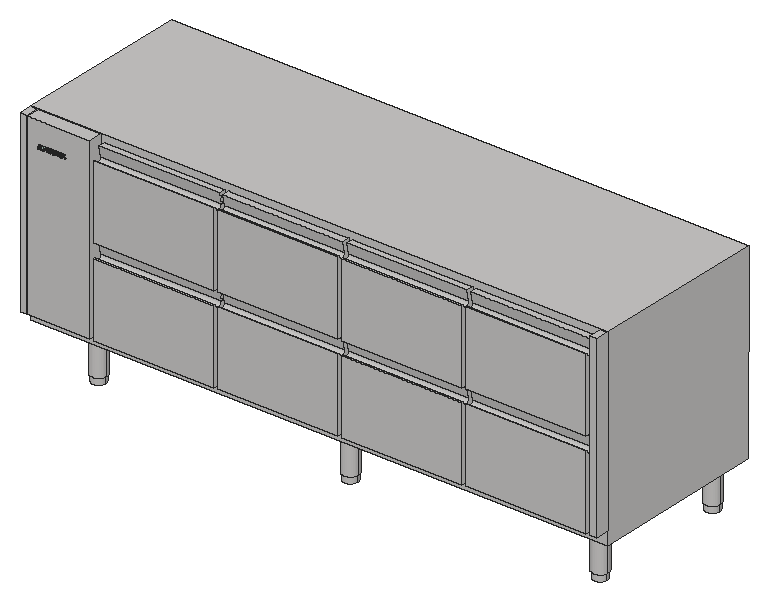
Revit family "QF_ALPENINOX_712839_AHR4RL", category Attrezzature speciali, Revit 2018
Family settings
  Quota connettore circolare = Usa diametro
  Tipo di parte = Normale
  Basato su piano di lavoro = No
  Sempre verticale = Sì
  Taglio con vuoti quando caricato = No
  Condiviso = No
  Punto di calcolo locali = No
Parameters (values of type "Standard")
  Weight = 1.00 kg
  Watts = 30 W
  Volts = 220 V
  URL Manufacturer = "http://www.alpeninox.com"
  URL = "http://www.alpeninox.com"
  Steam Supply Size = 0 mm
  Steam Supply Minimum Pressure = 0.0 Pa
  Steam Supply Maximum Pressure = 0.0 Pa
  Steam Consumption per Hour = 0
  Refrigeration Suction Line Size = 9.5 mm
  Refrigeration Liquid Line Size = 8 mm
  Refrigerant Compressor Remote = yes
  Produttore = "Alpeninox"
  Phase = 1
  Modello = "AHR4RL"
  Length Actual = 2111 mm  # constant formula
  Item Number = "712839"
  Hot Water Size = 0 mm
  Height Actual = 850 mm  # constant formula
  HP = "0 HP"
  Gas Size = 0 mm
  Gas KW = 0
  Gas Input Pressure = 0 W
  Direct Waste Size = 0 mm
  Descrizione = "REFR.COUNTER 590L 8x1/2DRW NOTOP REM CU_LFT GALV"
  Depth Actual = 700 mm  # constant formula
  Cycle = 50 Hz
  Condensate Return Size = 0 mm
  Compressed Air Volume = 0.0 L/s
  Compressed Air Size = 0 mm
  Compressed Air Pressure = 0.0 Pa
  Cold Water Size = 0 mm
  Accessory = yes
Types (2, lengths in mm): name | URL | Refrigeration Suction Line Size | Refrigeration Liquid Line Size | Produttore | Phase | Modello | Descrizione
  (no name) | 0 | 0 | 0 | 0 | 0 | 0 | 0
  Standard | "http://www.alpeninox.com" | 9.5 | 8 | "Alpeninox" | 1 | "AHR4RL" | "REFR.COUNTER 590L 8x1/2DRW NOTOP REM CU_LFT GALV"
Values of the unnamed type that differ from the named types
  Weight = 0.00 kg
  Watts = 0 W
  Volts = 0 V
  URL Manufacturer = ""
  Item Number = ""
  HP = ""
  Cycle = 0 Hz
Reference planes
  plane 1: z = 0
  plane 2 "Center (Left/Right)": x = -124.5
  plane 3 "Center (Front/Back)": y = 64.5
  plane 4 "FEET": z = 150
  plane 5 "TOP": z = 900
  plane 6 "PLAIN": z = 850
  plane 7 "EI_back": y = -116
  plane 8 "EI_left": x = -1052
  plane 9 "BACK": y = 412
  plane 10 "FRONT": y = -283
  plane 11 "DOOR": y = -233
  plane 12 "LEFT": x = -1180
  plane 13 "RIGHT": x = 931
  plane 14: x = -1155
  plane 15: x = 906
  plane 16 "RO_left": x = -1099
  plane 17 "RI_left": x = -1074
  plane 18 "RO_back": y = 39
  plane 19 "RI_back": y = 39
  plane 20 "DRAINleft": x = -1114
  plane 21 "DRAINback": y = 164
Forms (mm)
  Extrusion 1, solid, material "QF_Finishes_Stainless Steel"
    sketch origin (-1022.223, -1524, 150) x (-1, 0, 0) y (0, -1, 0)
      loop
        circle (29.777, -1408) r 5
    from 0 to -40
  Extrusion 2, solid, material "QF_Finishes_Stainless Steel"
    sketch origin (-1022.223, -1524, 150) x (-1, 0, 0) y (0, -1, 0)
      loop
        line (-1928.223, -1291) -> (-1928.223, -1241) -> (-1953.223, -1241) -> (-1953.223, -1291) -> (-1928.223, -1291)
    from 48 to 700
  Extrusion 3, solid, material "QF_Finishes_Stainless Steel"
    sketch origin (-1022.223, -1524, 150) x (-1, 0, 0) y (0, -1, 0)
      loop
        circle (76.777, -1563) r 4.25
    from 0 to -20
  Extrusion 4, solid, material "QF_Finishes_Stainless Steel"
    sketch origin (-1022.223, -1524, 150) x (-1, 0, 0) y (0, -1, 0)
      loop
        circle (51.777, -1563) r 4
    from 0 to -20
  Extrusion 5, solid, material "QF_Finishes_Stainless Steel"
    sketch origin (-1022.223, -1524, 150) x (-1, 0, 0) y (0, -1, 0)
      loop
        circle (91.777, -1688) r 8.5
    from 0 to -40
  Extrusion 6, solid, material "QF_Finishes_Stainless Steel"
    sketch origin (-1022.223, -1524, 150) x (-1, 0, 0) y (0, -1, 0)
      loop
        line (157.777, -1936) -> (157.777, -1291) -> (-1953.223, -1291) -> (-1953.223, -1936) -> (157.777, -1936)
    from 0 to 700
  Extrusion 7, solid, material "QF_Finishes_Stainless Steel"
    sketch origin (773.223, -1524, 150) x (1, 0, 0) y (0, 1, 0)
      loop
        line (-1928.223, 1291) -> (-1953.223, 1291) -> (-1953.223, 1241) -> (-1928.223, 1241) -> (-1928.223, 1291)
    from 48 to 700
Lines and regions (mm)
  symbolic lines, style "SpecialityEquipmentHiddenLines"
    curve 1: line (-1180, 412, 150) -> (931, 412, 150)
    curve 2: line (-1180, -283, 150) -> (-1180, 412, 150)
    curve 3: line (931, -283, 150) -> (-1180, -283, 150)
    curve 4: line (931, 412, 150) -> (931, -283, 150)
    curve 5: line (-1180, -233, 150) -> (931, -233, 150)
    curve 6: line (906, -233, 150) -> (906, -283, 150)
    curve 7: line (-1155, -233, 150) -> (-1155, -283, 150)
Dimensions and locks
  plane 4 "FEET" to level = 150 mm
  plane 11 "DOOR" to plane 10 "FRONT" = 50 mm
  plane 6 "PLAIN" to plane 4 "FEET" = 700 mm
  plane 5 "TOP" to plane 6 "PLAIN" = 50 mm
  plane 12 "LEFT" to plane 14 = 25 mm
  plane 15 to plane 13 "RIGHT" = 25 mm
  plane 9 "BACK" to plane 18 "RO_back" = 373 mm
  plane 9 "BACK" to plane 7 "EI_back" = 528 mm
  plane 9 "BACK" to plane 19 "RI_back" = 373 mm
  plane 9 "BACK" to plane 21 "DRAINback" = 248 mm
  plane 12 "LEFT" to plane 20 "DRAINleft" = 66 mm
  plane 12 "LEFT" to plane 8 "EI_left" = 128 mm
  plane 12 "LEFT" to plane 17 "RI_left" = 106 mm
  plane 12 "LEFT" to plane 16 "RO_left" = 81 mm
  plane 9 "BACK" to plane 10 "FRONT" = 695 mm
  equal spacing: plane 9 "BACK", plane 3 "Center (Front/Back)", plane 10 "FRONT"
  plane 12 "LEFT" to plane 13 "RIGHT" = 2111 mm
  equal spacing: plane 12 "LEFT", plane 2 "Center (Left/Right)", plane 13 "RIGHT"
  aligned and locked: level to plane 1
Automatic sketch dimensions
  Extrusion 1 sketch curve to plane 7 "EI_back" = 0 mm
  Extrusion 1 sketch curve to plane 8 "EI_left" = 0 mm
  Extrusion 2 sketch curve to plane 11 "DOOR" = 0 mm
  Extrusion 2 sketch curve to plane 13 "RIGHT" = 0 mm
  Extrusion 2 sketch curve to plane 10 "FRONT" = 0 mm
  Extrusion 2 sketch curve to plane 15 = 0 mm
  Extrusion 3 sketch curve to plane 16 "RO_left" = 0 mm
  Extrusion 3 sketch curve to plane 18 "RO_back" = 0 mm
  Extrusion 5 sketch curve to plane 20 "DRAINleft" = 0 mm
  Extrusion 5 sketch curve to plane 21 "DRAINback" = 0 mm
  Extrusion 6 sketch curve to plane 9 "BACK" = 0 mm
  Extrusion 6 sketch curve to plane 13 "RIGHT" = 0 mm
  Extrusion 6 sketch curve to plane 11 "DOOR" = 0 mm
  Extrusion 6 sketch curve to plane 12 "LEFT" = 0 mm
  curve 4 to plane 10 "FRONT" = 0 mm
  curve 4 to plane 13 "RIGHT" = 0 mm
  curve 6 to plane 11 "DOOR" = 0 mm
  curve 6 to plane 15 = 0 mm
  curve 7 to plane 14 = 0 mm
  curve 3 to plane 12 "LEFT" = 0 mm
  curve 1 to plane 9 "BACK" = 0 mm
  Extrusion 7 sketch curve to plane 11 "DOOR" = 0 mm
  Extrusion 7 sketch curve to plane 12 "LEFT" = 0 mm
  Extrusion 7 sketch curve to plane 10 "FRONT" = 0 mm
  Extrusion 7 sketch curve to plane 14 = 0 mm
  Extrusion 4 sketch curve to plane 17 "RI_left" = 0 mm
  Extrusion 4 sketch curve to plane 19 "RI_back" = 0 mm
  radius of Extrusion 1 sketch curve = 5 mm
  radius of Extrusion 3 sketch curve = 4.25 mm
  radius of Extrusion 5 sketch curve = 8.5 mm
  radius of Extrusion 4 sketch curve = 4 mm
Nested families
  nested 1: "HPP_Refrigerator" at (931, -283, 0), type "HPP_Refrigerator"
  nested 2: "HPP_FEET" at (-973, 331, 0), type "HPP_FEET"
  nested 3: "HPP_FEET" at (865, 331, 0), type "HPP_FEET"
  nested 4: "HPP_FEET" at (-973, -183, 0), type "HPP_FEET"
  nested 5: "HPP_FEET" at (865, -183, 0), type "HPP_FEET"
  nested 6: "HPP_FEET" at (-50, -183, 0), type "HPP_FEET"
  nested 7: "HPP_APX_REM_TN_L" at (-960.58, -233, 598) x (1, 0, 0) z (0, -1, 0), type "HPP_APX_REM_TN_L"
    with Show Logo yes
  nested 8: "HPP_APX_HALF" at (-690, -233, 512) x (1, 0, 0) z (0, -1, 0), type "HPP_APX_HALF"
    with Show Clearance yes
  nested 9: "HPP_APX_HALF" at (-236, -233, 512) x (1, 0, 0) z (0, -1, 0), type "HPP_APX_HALF"
    with Show Clearance yes
  nested 10: "HPP_APX_HALF" at (218, -233, 512) x (1, 0, 0) z (0, -1, 0), type "HPP_APX_HALF"
    with Show Clearance yes
  nested 11: "HPP_APX_HALF" at (672, -233, 512) x (1, 0, 0) z (0, -1, 0), type "HPP_APX_HALF"
    with Show Clearance yes
Connectors
  electrical at (-1052, -116, 110), driven by "Volts"
    settings: on Extrusion 1, index 1, voltage 220 V, apparent load 0 VA, apparent load phase1 0 VA, apparent load phase2 0 VA, apparent load phase3 0 VA, power factor 1, load classification "Other", number of poles 1, system type 31, power factor state 1, is connector primary yes, connector utility no, sub classification motor no, connector description "Electrical Connection"
  piping at (-1099, 39, 130), diameter 9.5, driven by "Refrigeration Suction Line Size"
    settings: on Extrusion 3, index 3, connector inside diameter 609.6 mm, connector length 0 mm, flow factor 0, pipe flow 0.0 L/s, pressure drop 0.0 Pa, fitting loss kfactor 0, connector angle 0.00°, fixture units 0, engagement length 0 mm, angle of deflection 0.00°, flow configuration 1, flow direction 2, fitting loss method 0, system type 8, joint type 0, gender type 0, connector reference index -1, connector utility 0, adjustable connector no, is connector primary yes, connector description "Refrigerant Outlet"
  piping at (-1074, 39, 130), diameter 8, driven by "Refrigeration Liquid Line Size"
    settings: on Extrusion 4, index 4, connector inside diameter 609.6 mm, connector length 0 mm, flow factor 0, pipe flow 0.0 L/s, pressure drop 0.0 Pa, fitting loss kfactor 0, connector angle 0.00°, fixture units 0, engagement length 0 mm, angle of deflection 0.00°, flow configuration 1, flow direction 1, fitting loss method 0, system type 7, joint type 0, gender type 0, connector reference index -1, connector utility 0, adjustable connector no, is connector primary no, connector description "Refrigerant Inlet"
  piping at (-1114, 164, 110), diameter 17
    settings: on Extrusion 5, index 5, connector inside diameter 609.6 mm, connector length 0 mm, flow factor 0, pipe flow 0.0 L/s, pressure drop 0.0 Pa, fitting loss kfactor 0, connector angle 0.00°, fixture units 0, engagement length 0 mm, angle of deflection 0.00°, flow configuration 1, flow direction 2, fitting loss method 0, system type 16, joint type 0, gender type 0, connector reference index -1, connector utility 0, adjustable connector no, is connector primary no, connector description "Drain"
Definition of nested family "HPP_FEET"
  Parameters
    FEET = 150 mm
  Reference planes
    plane 1 "Center (Front/Back)": y = 0
    plane 2: z = 0
    plane 3 "Center (Left/Right)": x = 0
    plane 4: z = 150
  Forms (mm)
    Revolve 1, solid
      sketch origin (255.05, 0, 608.09) x (0, 0, 1) y (-1, 0, 0)
        loop
          line (-608.09, 255.05) -> (-608.09, 230.05) -> (-583.09, 230.05) -> (-583.09, 226.05) -> (-458.09, 226.05) -> (-458.09, 255.05) -> (-608.09, 255.05)
        axis (-608.09, 255.05) -> (-458.09, 255.05)
      angle from 0 to 360
  Dimensions and locks
    locked: Revolve 1 sketch curve to Revolve 1 sketch curve at 125
    "FEET": plane 4 to plane 2
    aligned and locked: level to plane 2
    aligned and locked: plane 4 to Revolve 1 sketch curve
    aligned and locked: Revolve 1 sketch curve to level
    aligned and locked: plane 3 "Center (Left/Right)" to Revolve 1 sketch curve
  Automatic sketch dimensions
    Revolve 1 sketch curve to plane 3 "Center (Left/Right)" = 0 mm
    Revolve 1 sketch curve to Revolve 1 sketch curve = 25 mm
    Revolve 1 sketch curve to Revolve 1 sketch curve = 29 mm
    plane 4 to Revolve 1 sketch curve = 50 mm
    Revolve 1 sketch curve to Revolve 1 sketch curve = 20 mm
Definition of nested family "HPP_APX_REM_TN_L"
  Parameters
    Show Logo [instance] = yes
    Default Elevation = 1219.2 mm
  Reference planes
    plane 1 "Center (Front/Back)": y = -74
    plane 2: z = 0
    plane 3 "Center (Left/Right)": x = -78.92
    plane 4: x = -194.42
    plane 5: x = 36.58
    plane 6: y = 252
    plane 7: y = -400
  Forms (mm)
    Extrusion 1, solid
      sketch origin (0, 0, 0) x (1, 0, 0) y (0, 1, 0)
        loop
          line (-1219.2, 1219.2) -> (-1219.2, -1219.2) -> (1219.2, -1219.2) -> (1219.2, 1219.2) -> (-1219.2, 1219.2)
      from 0 to -304.8
    Extrusion 2, solid
      sketch origin (0, 0, 0) x (1, 0, 0) y (0, 1, 0)
        loop
          line (-194.42, 252) -> (-194.42, -400) -> (36.58, -400) -> (36.58, 252) -> (-194.42, 252)
      from 0 to 50
    Extrusion 3, solid
      sketch origin (18.272, 0.892, 0) x (1, 0, 0) y (0, 1, 0)
        loop
          line (-168.675, 170.349) -> (-172.411, 160.318)
          arc (-172.411, 160.318) -> (-171.624, 158.497) -> (-169.837, 159.36) r 1.374
          line (-169.837, 159.36) -> (-169.268, 161.111) -> (-164.1, 161.111) -> (-163.54, 159.379)
          arc (-163.54, 159.379) -> (-161.802, 158.542) -> (-161.049, 160.318) r 1.333
          line (-161.049, 160.318) -> (-164.694, 170.349)
          arc (-164.694, 170.349) -> (-166.685, 171.876) -> (-168.675, 170.349) r 2.06
        loop
          line (-166.681, 169.055) -> (-168.469, 163.655) -> (-164.935, 163.655) -> (-166.681, 169.055)
        loop
          arc (-159.705, 160.042) -> (-159.262, 158.973) -> (-158.194, 158.531) r 1.512
          line (-158.194, 158.531) -> (-153.608, 158.531)
          arc (-153.608, 158.531) -> (-152.337, 159.802) -> (-153.608, 161.074) r 1.272
          line (-153.608, 161.074) -> (-156.917, 161.074) -> (-156.917, 170.328)
          arc (-156.917, 170.328) -> (-158.311, 171.722) -> (-159.705, 170.328) r 1.394
          line (-159.705, 170.328) -> (-159.705, 160.042)
        loop
          line (-151.076, 170.218) -> (-151.076, 159.859)
          arc (-151.076, 159.859) -> (-149.683, 158.466) -> (-148.29, 159.859) r 1.393
          line (-148.29, 159.859) -> (-148.29, 162.882) -> (-146.225, 162.882)
          arc (-146.225, 162.882) -> (-142.999, 163.859) -> (-141.608, 166.928) r 4.082
          arc (-141.608, 166.928) -> (-142.993, 170.272) -> (-146.336, 171.657) r 4.728
          line (-146.336, 171.657) -> (-149.638, 171.657)
          arc (-149.638, 171.657) -> (-150.655, 171.235) -> (-151.076, 170.218) r 1.439
        loop
          line (-148.29, 165.313) -> (-146.388, 165.313)
          arc (-146.388, 165.313) -> (-144.433, 167.268) -> (-146.388, 169.222) r 1.955
          line (-146.388, 169.222) -> (-148.29, 169.222) -> (-148.29, 165.313)
        loop
          arc (-131.184, 166.332) -> (-132.004, 168.2) -> (-133.767, 169.228) r 3.3
          arc (-133.767, 169.228) -> (-136.353, 168.661) -> (-137.611, 166.332) r 3.176
          line (-137.611, 166.332) -> (-131.184, 166.332)
        loop
          line (-137.538, 163.743) -> (-130.544, 163.743)
          arc (-130.544, 163.743) -> (-129.292, 163.916) -> (-128.301, 164.701) r 2.4
          arc (-128.301, 164.701) -> (-128.155, 165.545) -> (-128.212, 166.399) r 3.635
          arc (-128.212, 166.399) -> (-130.364, 170.162) -> (-134.39, 171.769) r 6.579
          arc (-134.39, 171.769) -> (-138.918, 169.706) -> (-140.661, 165.044) r 6.501
          arc (-140.661, 165.044) -> (-139.276, 160.789) -> (-135.401, 158.549) r 6.252
          arc (-135.401, 158.549) -> (-132.922, 158.526) -> (-130.544, 159.232) r 8.361
          arc (-130.544, 159.232) -> (-129.466, 159.781) -> (-128.641, 160.666) r 3.486
          arc (-128.641, 160.666) -> (-128.419, 161.592) -> (-128.828, 162.451) r 1.425
          arc (-128.828, 162.451) -> (-129.368, 162.762) -> (-129.99, 162.762) r 1.203
          arc (-129.99, 162.762) -> (-130.406, 162.59) -> (-130.764, 162.316) r 1.724
          arc (-130.764, 162.316) -> (-131.666, 161.705) -> (-132.646, 161.229) r 7.6
          arc (-132.646, 161.229) -> (-135.676, 161.35) -> (-137.538, 163.743) r 3.6
        loop
          line (-126.669, 170.328) -> (-126.669, 159.859)
          arc (-126.669, 159.859) -> (-125.273, 158.463) -> (-123.878, 159.859) r 1.396
          line (-123.878, 159.859) -> (-123.878, 166.785) -> (-117.946, 159.029)
          arc (-117.946, 159.029) -> (-116.361, 158.51) -> (-115.379, 159.859) r 1.417
          line (-115.379, 159.859) -> (-115.379, 170.328)
          arc (-115.379, 170.328) -> (-116.774, 171.723) -> (-118.169, 170.328) r 1.395
          line (-118.169, 170.328) -> (-118.169, 163.311) -> (-124.101, 171.157)
          arc (-124.101, 171.157) -> (-125.687, 171.678) -> (-126.669, 170.328) r 1.418
        loop
          arc (-113.636, 159.859) -> (-112.241, 158.464) -> (-110.847, 159.859) r 1.394
          line (-110.847, 159.859) -> (-110.847, 170.328)
          arc (-110.847, 170.328) -> (-112.241, 171.723) -> (-113.636, 170.328) r 1.394
          line (-113.636, 170.328) -> (-113.636, 159.859)
        loop
          line (-109.102, 170.328) -> (-109.102, 159.859)
          arc (-109.102, 159.859) -> (-107.706, 158.463) -> (-106.31, 159.859) r 1.396
          line (-106.31, 159.859) -> (-106.31, 166.785) -> (-100.378, 159.029)
          arc (-100.378, 159.029) -> (-98.793, 158.51) -> (-97.812, 159.859) r 1.417
          line (-97.812, 159.859) -> (-97.812, 170.328)
          arc (-97.812, 170.328) -> (-99.207, 171.723) -> (-100.602, 170.328) r 1.395
          line (-100.602, 170.328) -> (-100.602, 163.311) -> (-106.533, 171.157)
          arc (-106.533, 171.157) -> (-108.119, 171.678) -> (-109.102, 170.328) r 1.418
        loop
          arc (-96.345, 165.093) -> (-95.619, 161.877) -> (-93.467, 159.379) r 6.806
          arc (-93.467, 159.379) -> (-91.792, 158.566) -> (-89.948, 158.31) r 5.956
          arc (-89.948, 158.31) -> (-88.104, 158.566) -> (-86.43, 159.379) r 5.956
          arc (-86.43, 159.379) -> (-84.277, 161.877) -> (-83.551, 165.093) r 6.806
          arc (-83.551, 165.093) -> (-84.277, 168.31) -> (-86.43, 170.808) r 6.806
          arc (-86.43, 170.808) -> (-88.104, 171.621) -> (-89.948, 171.877) r 5.956
          arc (-89.948, 171.877) -> (-91.792, 171.621) -> (-93.467, 170.808) r 5.956
          arc (-93.467, 170.808) -> (-95.619, 168.31) -> (-96.345, 165.093) r 6.806
        loop
          arc (-93.425, 165.093) -> (-93.138, 163.212) -> (-92.081, 161.629) r 4.387
          arc (-92.081, 161.629) -> (-91.087, 161.049) -> (-89.948, 160.881) r 3.035
          arc (-89.948, 160.881) -> (-88.809, 161.049) -> (-87.815, 161.629) r 3.035
          arc (-87.815, 161.629) -> (-86.759, 163.212) -> (-86.472, 165.093) r 4.387
          arc (-86.472, 165.093) -> (-86.759, 166.975) -> (-87.815, 168.558) r 4.387
          arc (-87.815, 168.558) -> (-88.809, 169.138) -> (-89.948, 169.306) r 3.035
          arc (-89.948, 169.306) -> (-91.087, 169.138) -> (-92.081, 168.558) r 3.035
          arc (-92.081, 168.558) -> (-93.138, 166.975) -> (-93.425, 165.093) r 4.387
        loop
          line (-82.843, 169.609) -> (-79.829, 165.552) -> (-83.513, 160.652)
          arc (-83.513, 160.652) -> (-83.216, 158.692) -> (-81.262, 159.029) r 1.388
          line (-81.262, 159.029) -> (-78.213, 163.232) -> (-75.164, 159.029)
          arc (-75.164, 159.029) -> (-73.211, 158.692) -> (-72.913, 160.652) r 1.388
          line (-72.913, 160.652) -> (-76.597, 165.552) -> (-73.584, 169.609)
          arc (-73.584, 169.609) -> (-73.952, 171.597) -> (-75.908, 171.084) r 1.38
          line (-75.908, 171.084) -> (-78.213, 167.841) -> (-80.519, 171.084)
          arc (-80.519, 171.084) -> (-82.474, 171.597) -> (-82.843, 169.609) r 1.38
      from 50 to 51.6
  Lines and regions (mm)
    Split face 1
      outline origin (0, 0, 50) x (1, 0, 0) y (0, 1, 0)
        loop
          line (36.58, 183) -> (-147.92, 183)
          arc (-147.92, 183) -> (-165.42, 165.5) -> (-147.92, 148) r 17.5
          line (-147.92, 148) -> (36.58, 148)
    Split face 2
      outline origin (12.5, 0, 50) x (1, 0, 0) y (0, 1, 0)
        loop
          line (-55.92, 177) -> (-55.92, 154) -> (14.08, 154) -> (14.08, 177) -> (-55.92, 177)
    Split face 3
      outline origin (12.5, 0, 50) x (1, 0, 0) y (0, 1, 0)
        loop
          line (-5.92, 174) -> (-5.92, 157) -> (11.08, 157) -> (11.08, 174) -> (-5.92, 174)
    Split face 4
      outline origin (0, 0, 50) x (1, 0, 0) y (0, 1, 0)
        loop
          line (-194.42, 188) -> (36.58, 188)
        loop
          line (-194.42, 143) -> (36.58, 143)
    symbolic lines
      curve 1: line (36.58, -74, 50) -> (36.58, -74, 0)
  Dimensions and locks
    equal spacing: plane 6, plane 1 "Center (Front/Back)", plane 7
    plane 4 to plane 5 = 231 mm
    equal spacing: plane 4, plane 3 "Center (Left/Right)", plane 5
    plane 6 to plane 7 = 652 mm
    aligned and locked: plane 2 to Extrusion 1
    aligned and locked: level to Extrusion 1
  Automatic sketch dimensions
    Extrusion 1 sketch curve to Extrusion 1 sketch curve = 2438.4 mm  (x2)
    Extrusion 2 sketch curve to plane 4 = 0 mm
    Extrusion 2 sketch curve to plane 5 = 0 mm
    Extrusion 2 sketch curve to plane 7 = 0 mm
    Extrusion 2 sketch curve to plane 6 = 0 mm
    Split face 1 sketch curve to Extrusion 2 = 0 mm  (x2)
    Split face 1 sketch curve to Extrusion 2 = 46.5 mm
    Split face 1 sketch curve to Extrusion 2 = 86.5 mm
    Split face 1 sketch curve to Split face 1 sketch curve = 17.5 mm
    Split face 2 sketch curve to Extrusion 2 = 80 mm
    Split face 2 sketch curve to Extrusion 2 = 10 mm
    Split face 2 sketch curve to Extrusion 2 = 98 mm
    Split face 2 sketch curve to Split face 2 sketch curve = 23 mm
    Split face 3 sketch curve to Extrusion 2 = 30 mm
    Split face 3 sketch curve to Split face 3 sketch curve = 17 mm  (x2)
    Split face 3 sketch curve to Extrusion 2 = 95 mm
    curve 1 to level = 0 mm
    curve 1 to plane 5 = 0 mm
    curve 1 to curve 1 = 50 mm
    plane 4 to Extrusion 3 sketch curve = 40.282 mm
    Extrusion 3 sketch curve to Extrusion 3 sketch curve = 1.266 mm
    Extrusion 3 sketch curve to Extrusion 3 sketch curve = 1.307 mm
    Extrusion 3 sketch curve to Extrusion 3 sketch curve = 0.57 mm
    Extrusion 3 sketch curve to Extrusion 3 sketch curve = 0.593 mm
    Extrusion 3 sketch curve to Extrusion 3 sketch curve = 0.799 mm
    Extrusion 3 sketch curve to Extrusion 3 sketch curve = 1.99 mm  (x2)
    Extrusion 3 sketch curve to Extrusion 3 sketch curve = 0.003 mm
    Extrusion 3 sketch curve to Extrusion 3 sketch curve = 3.534 mm
    Extrusion 3 sketch curve to Extrusion 3 sketch curve = 0.835 mm
    Extrusion 3 sketch curve to Extrusion 3 sketch curve = 0.56 mm
    Extrusion 3 sketch curve to Extrusion 3 sketch curve = 1.268 mm
    Extrusion 3 sketch curve to Extrusion 3 sketch curve = 1.223 mm
    Extrusion 3 sketch curve to Extrusion 3 sketch curve = 1.344 mm
    Extrusion 3 sketch curve to Extrusion 3 sketch curve = 1.394 mm  (x2)
    Extrusion 3 sketch curve to Extrusion 3 sketch curve = 1.512 mm
    Extrusion 3 sketch curve to Extrusion 3 sketch curve = 3.309 mm
    Extrusion 3 sketch curve to Extrusion 3 sketch curve = 5.841 mm
    Extrusion 3 sketch curve to Extrusion 3 sketch curve = 1.393 mm
    Extrusion 3 sketch curve to Extrusion 3 sketch curve = 1.439 mm
    Extrusion 3 sketch curve to Extrusion 3 sketch curve = 0 mm  (x18)
    Extrusion 3 sketch curve to Extrusion 3 sketch curve = 1.902 mm
    Extrusion 3 sketch curve to Extrusion 3 sketch curve = 0.052 mm
    Extrusion 3 sketch curve to Extrusion 3 sketch curve = 2.065 mm
    Extrusion 3 sketch curve to Extrusion 3 sketch curve = 0.647 mm
    Extrusion 3 sketch curve to Extrusion 3 sketch curve = 8.079 mm
    Extrusion 3 sketch curve to Extrusion 3 sketch curve = 0.073 mm
    Extrusion 3 sketch curve to Extrusion 3 sketch curve = 2.145 mm
    Extrusion 3 sketch curve to Extrusion 3 sketch curve = 2.931 mm
    Extrusion 3 sketch curve to Extrusion 3 sketch curve = 0.213 mm
    Extrusion 3 sketch curve to Extrusion 3 sketch curve = 0.026 mm
    Extrusion 3 sketch curve to Extrusion 3 sketch curve = 0.263 mm
    Extrusion 3 sketch curve to Extrusion 3 sketch curve = 0.516 mm
    Extrusion 3 sketch curve to Extrusion 3 sketch curve = 0.356 mm
    Extrusion 3 sketch curve to Extrusion 3 sketch curve = 0.387 mm
    Extrusion 3 sketch curve to Extrusion 3 sketch curve = 2.378 mm
    Extrusion 3 sketch curve to Extrusion 3 sketch curve = 2.466 mm
    Extrusion 3 sketch curve to Extrusion 3 sketch curve = 0.602 mm
    Extrusion 3 sketch curve to Extrusion 3 sketch curve = 1.02 mm
    Extrusion 3 sketch curve to Extrusion 3 sketch curve = 0.949 mm
    Extrusion 3 sketch curve to Extrusion 3 sketch curve = 1.728 mm
    Extrusion 3 sketch curve to Extrusion 3 sketch curve = 0.157 mm  (x2)
    Extrusion 3 sketch curve to Extrusion 3 sketch curve = 0.292 mm
    Extrusion 3 sketch curve to Extrusion 3 sketch curve = 3.565 mm
    Extrusion 3 sketch curve to Extrusion 3 sketch curve = 1.396 mm  (x2)
    Extrusion 3 sketch curve to Extrusion 3 sketch curve = 1.418 mm  (x2)
    Extrusion 3 sketch curve to Extrusion 3 sketch curve = 1.151 mm  (x2)
    Extrusion 3 sketch curve to Extrusion 3 sketch curve = 5.709 mm  (x2)
    Extrusion 3 sketch curve to Extrusion 3 sketch curve = 0.224 mm  (x2)
    Extrusion 3 sketch curve to Extrusion 3 sketch curve = 1.149 mm  (x2)
    Extrusion 3 sketch curve to Extrusion 3 sketch curve = 1.395 mm  (x2)
    Extrusion 3 sketch curve to Extrusion 3 sketch curve = 1.744 mm
    Extrusion 3 sketch curve to Extrusion 3 sketch curve = 1.745 mm
    plane 3 "Center (Left/Right)" to Extrusion 3 sketch curve = 6.343 mm
    Extrusion 3 sketch curve to Extrusion 3 sketch curve = 0.493 mm  (x3)
    Extrusion 3 sketch curve to Extrusion 3 sketch curve = 0.273 mm  (x2)
    Extrusion 3 sketch curve to Extrusion 3 sketch curve = 0.021 mm  (x2)
    Extrusion 3 sketch curve to Extrusion 3 sketch curve = 0.226 mm  (x2)
    Extrusion 3 sketch curve to Extrusion 3 sketch curve = 0.268 mm  (x2)
    Extrusion 3 sketch curve to Extrusion 3 sketch curve = 0.294 mm
    Extrusion 3 sketch curve to Extrusion 3 sketch curve = 5.534 mm
    Extrusion 3 sketch curve to Extrusion 3 sketch curve = 6.205 mm
    Extrusion 3 sketch curve to Extrusion 3 sketch curve = 1.109 mm  (x2)
    Extrusion 3 sketch curve to Extrusion 3 sketch curve = 1.108 mm  (x2)
    Extrusion 3 sketch curve to Extrusion 3 sketch curve = 1.142 mm  (x2)
    Extrusion 3 sketch curve to Extrusion 3 sketch curve = 1.216 mm  (x2)
    Extrusion 3 sketch curve to Extrusion 3 sketch curve = 3.013 mm
    Extrusion 3 sketch curve to Extrusion 3 sketch curve = 1.616 mm  (x3)
    Extrusion 3 sketch curve to Extrusion 3 sketch curve = 2.305 mm
    Extrusion 3 sketch curve to Extrusion 3 sketch curve = 3.049 mm
    Extrusion 3 sketch curve to plane 6 = 92.577 mm
    Extrusion 3 sketch curve to Extrusion 3 sketch curve = 0.498 mm
    Extrusion 3 sketch curve to Extrusion 3 sketch curve = 0.682 mm
    Extrusion 3 sketch curve to Extrusion 3 sketch curve = 0.664 mm
    Extrusion 3 sketch curve to Extrusion 3 sketch curve = 0.425 mm
    Extrusion 3 sketch curve to Extrusion 3 sketch curve = 0.41 mm
    Extrusion 3 sketch curve to Extrusion 3 sketch curve = 1.272 mm
    Extrusion 3 sketch curve to Extrusion 3 sketch curve = 0.789 mm  (x2)
    Extrusion 3 sketch curve to Extrusion 3 sketch curve = 0.056 mm
    Extrusion 3 sketch curve to Extrusion 3 sketch curve = 0.83 mm
    Extrusion 3 sketch curve to Extrusion 3 sketch curve = 1.238 mm
    Extrusion 3 sketch curve to Extrusion 3 sketch curve = 1.732 mm
    Extrusion 3 sketch curve to Extrusion 3 sketch curve = 0.346 mm
    Extrusion 3 sketch curve to Extrusion 3 sketch curve = 1.123 mm
    Extrusion 3 sketch curve to Extrusion 3 sketch curve = 3.023 mm
    Extrusion 3 sketch curve to Extrusion 3 sketch curve = 4.203 mm
    Extrusion 3 sketch curve to Extrusion 3 sketch curve = 3.452 mm  (x2)
    Extrusion 3 sketch curve to Extrusion 3 sketch curve = 2.544 mm
    Extrusion 3 sketch curve to Extrusion 3 sketch curve = 1.177 mm
    Extrusion 3 sketch curve to Extrusion 3 sketch curve = 3.261 mm
    Extrusion 3 sketch curve to Extrusion 3 sketch curve = 0.352 mm  (x2)
    Extrusion 3 sketch curve to Extrusion 3 sketch curve = 1.987 mm
    Extrusion 3 sketch curve to Extrusion 3 sketch curve = 0.171 mm
    Extrusion 3 sketch curve to Extrusion 3 sketch curve = 0.533 mm  (x3)
    Extrusion 3 sketch curve to Extrusion 3 sketch curve = 0.14 mm  (x4)
    Extrusion 3 sketch curve to Extrusion 3 sketch curve = 0.473 mm
    Extrusion 3 sketch curve to Extrusion 3 sketch curve = 0.31 mm  (x2)
    Extrusion 3 sketch curve to Extrusion 3 sketch curve = 0.075 mm
    Extrusion 3 sketch curve to Extrusion 3 sketch curve = 2.431 mm
    Extrusion 3 sketch curve to Extrusion 3 sketch curve = 2.32 mm  (x2)
    Extrusion 3 sketch curve to Extrusion 3 sketch curve = 1.992 mm
    Extrusion 3 sketch curve to Extrusion 3 sketch curve = 0.674 mm
    Extrusion 3 sketch curve to Extrusion 3 sketch curve = 0.732 mm
    Extrusion 3 sketch curve to Extrusion 3 sketch curve = 0.388 mm
    Extrusion 3 sketch curve to Extrusion 3 sketch curve = 0.121 mm
    Extrusion 3 sketch curve to Extrusion 3 sketch curve = 2.589 mm
    Extrusion 3 sketch curve to Extrusion 3 sketch curve = 0.662 mm
    Extrusion 3 sketch curve to Extrusion 3 sketch curve = 3.473 mm
    Extrusion 3 sketch curve to Extrusion 3 sketch curve = 0.681 mm
    Extrusion 3 sketch curve to Extrusion 3 sketch curve = 1.615 mm
    Extrusion 3 sketch curve to Extrusion 3 sketch curve = 0.34 mm
    Extrusion 3 sketch curve to Extrusion 3 sketch curve = 2.288 mm
    Extrusion 3 sketch curve to Extrusion 3 sketch curve = 0.942 mm
    Extrusion 3 sketch curve to Extrusion 3 sketch curve = 5.4 mm
    Extrusion 3 sketch curve to Extrusion 3 sketch curve = 1.768 mm  (x2)
    Extrusion 3 sketch curve to Extrusion 3 sketch curve = 0.761 mm
    Extrusion 3 sketch curve to Extrusion 3 sketch curve = 0.996 mm
    Extrusion 3 sketch curve to Extrusion 3 sketch curve = 3.543 mm  (x2)
    Extrusion 3 sketch curve to Extrusion 3 sketch curve = 7.017 mm
    Extrusion 3 sketch curve to Extrusion 3 sketch curve = 0.11 mm
    Extrusion 3 sketch curve to Extrusion 3 sketch curve = 0.823 mm  (x2)
    Extrusion 3 sketch curve to Extrusion 3 sketch curve = 0.947 mm
    Extrusion 3 sketch curve to Extrusion 3 sketch curve = 3.837 mm
    Extrusion 3 sketch curve to Extrusion 3 sketch curve = 0.623 mm
    Extrusion 3 sketch curve to Extrusion 3 sketch curve = 1.082 mm
    Extrusion 3 sketch curve to Extrusion 3 sketch curve = 0.801 mm
    Extrusion 3 sketch curve to Extrusion 3 sketch curve = 1 mm
    Extrusion 3 sketch curve to Extrusion 3 sketch curve = 0.089 mm
    plane 3 "Center (Left/Right)" to Extrusion 3 sketch curve = 0.847 mm
    plane 3 "Center (Left/Right)" to Extrusion 3 sketch curve = 3.726 mm  (x2)
    plane 3 "Center (Left/Right)" to Extrusion 3 sketch curve = 3.767 mm
    plane 3 "Center (Left/Right)" to Extrusion 3 sketch curve = 5.111 mm  (x2)
    plane 3 "Center (Left/Right)" to Extrusion 3 sketch curve = 7.244 mm  (x4)
    Extrusion 3 sketch curve to Extrusion 3 sketch curve = 2.133 mm  (x2)
    Extrusion 3 sketch curve to Extrusion 3 sketch curve = 1.385 mm  (x2)
    Extrusion 3 sketch curve to Extrusion 3 sketch curve = 5.603 mm
    Extrusion 3 sketch curve to Extrusion 3 sketch curve = 2.571 mm
    Split face 4 sketch curve to Extrusion 2 = 0 mm  (x4)
    Split face 4 sketch curve to Extrusion 2 = 109 mm
    Split face 4 sketch curve to Split face 4 sketch curve = 45 mm
Definition of nested family "HPP_APX_HALF"
  Parameters
    Show Clearance [instance] = yes
    Default Elevation = 1219.2 mm
  Reference planes
    plane 1 "Center (Front/Back)": y = 0
    plane 2: z = 0
    plane 3 "Center (Left/Right)": x = 0
    plane 4: x = -234
    plane 5: x = 234
    plane 6: z = 618
  Forms (mm)
    Extrusion 1, solid
      sketch origin (0, 0, 0) x (1, 0, 0) y (0, 1, 0)
        loop
          line (-1219.2, 1219.2) -> (-1219.2, -1219.2) -> (1219.2, -1219.2) -> (1219.2, 1219.2) -> (-1219.2, 1219.2)
      from 0 to -304.8
    Extrusion 2, solid
      sketch origin (0, 0, 0) x (0, 1, 0) y (0, 0, 1)
        loop
          line (314, 0) -> (314, 26) -> (274.395, 17)
          arc (274.395, 17) -> (260.395, 31) -> (274.395, 45) r 14
          line (274.395, 45) -> (274.395, 50) -> (5, 50) -> (5, 0) -> (314, 0)
        loop
          line (-5, 0) -> (-5, 26) -> (-44.605, 17)
          arc (-44.605, 17) -> (-58.605, 31) -> (-44.605, 45) r 14
          line (-44.605, 45) -> (-44.605, 50) -> (-314, 50) -> (-314, 0) -> (-5, 0)
      from -220 to 220
    Extrusion 3, solid, visible <- "Show Clearance", detail levels coarse
      sketch origin (0, 0, 512) x (0, 1, 0) y (0, 0, 1)
        loop
          line (-314, 106) -> (-314, -462) -> (-5, -462) -> (-5, 82) -> (-44.605, 73)
          arc (-44.605, 73) -> (-58.605, 87) -> (-44.605, 101) r 14
          line (-44.605, 101) -> (-44.605, 106) -> (-314, 106)
        loop
          line (314, -462) -> (314, 82) -> (274.395, 73)
          arc (274.395, 73) -> (260.395, 87) -> (274.395, 101) r 14
          line (274.395, 101) -> (274.395, 106) -> (5, 106) -> (5, -462) -> (314, -462)
      from -220 to 220
  Lines and regions (mm)
    symbolic lines
      curve 1: line (220, 0, 139.793) -> (-220, 0, 139.793)
      curve 2: line (220, 0, 174.793) -> (-220, 0, 174.793)
      curve 3: line (220, 0, 259.793) -> (-220, 0, 259.793)
      curve 4: line (220, 0, 294.793) -> (-220, 0, 294.793)
      curve 5: line (191.424, 0, 139.793) -> (191.424, 0, 54.793)
      curve 6: line (-190, 0, 139.793) -> (-190, 0, 54.793)
      curve 7: line (191.424, 0, 259.793) -> (191.424, 0, 174.793)
      curve 8: line (-190, 0, 259.793) -> (-190, 0, 174.793)
      curve 9: line (220, 0, 259.793) -> (220, 0, 294.793)
      curve 10: line (-220, 0, 259.793) -> (-220, 0, 294.793)
      curve 11: line (220, 0, 139.793) -> (220, 0, 174.793)
      curve 12: line (-220, 0, 139.793) -> (-220, 0, 174.793)
  Dimensions and locks
    plane 4 to plane 3 "Center (Left/Right)" to plane 5 = 234 mm locked, 234 mm locked
    plane 6 to level = 618 mm
    aligned and locked: plane 2 to Extrusion 1
    aligned and locked: level to Extrusion 1
Definition of nested family "HPP_Refrigerator"
  Reference planes
    plane 1 "Center (Front/Back)": y = 0
    plane 2: z = 0
    plane 3 "Center (Left/Right)": x = 0
  Lines and regions (mm)
    detail lines, in view "Ref. Level"
      curve 1: spline (-500, 190, 0) -> (-493.185, 166.706, 0) -> (-473.205, 145, 0) -> (-441.421, 126.36, 0) -> (-400, 112.058, 0) -> (-351.764, 103.067, 0) -> (-300, 100, 0) -> (-248.236, 103.067, 0) -> (-200, 112.058, 0) -> (-158.579, 126.36, 0) -> (-126.795, 145, 0) -> (-106.815, 166.706, 0) -> (-100, 190, 0) -> (-106.815, 213.294, 0) -> (-126.795, 235, 0) -> (-158.579, 253.64, 0) -> (-200, 267.942, 0) -> (-248.236, 276.933, 0) -> (-300, 280, 0) -> (-351.764, 276.933, 0) -> (-400, 267.942, 0) -> (-441.421, 253.64, 0) -> (-473.205, 235, 0) -> (-493.185, 213.294, 0) -> (-500, 190, 0)
      curve 2: line (-300, 130, 0) -> (-300, 250, 0)
      curve 3: line (-351.962, 220, 0) -> (-248.038, 160, 0)
      curve 4: line (-351.962, 160, 0) -> (-248.038, 220, 0)
      curve 5: line (-280.884, 246.873, 0) -> (-300, 225, 0)
      curve 6: line (-300, 225, 0) -> (-319.116, 246.873, 0)
      curve 7: line (-330.311, 207.5, 0) -> (-339.696, 234.992, 0)
      curve 8: line (-358.812, 201.882, 0) -> (-330.311, 207.5, 0)
      curve 9: line (-330.311, 172.5, 0) -> (-358.812, 178.118, 0)
      curve 10: line (-339.696, 145.008, 0) -> (-330.311, 172.5, 0)
      curve 11: line (-300, 155, 0) -> (-319.116, 133.127, 0)
      curve 12: line (-280.884, 133.127, 0) -> (-300, 155, 0)
      curve 13: line (-269.689, 172.5, 0) -> (-260.304, 145.008, 0)
      curve 14: line (-241.188, 178.118, 0) -> (-269.689, 172.5, 0)
      curve 15: line (-269.689, 207.5, 0) -> (-241.188, 201.882, 0)
      curve 16: line (-260.304, 234.992, 0) -> (-269.689, 207.5, 0)
